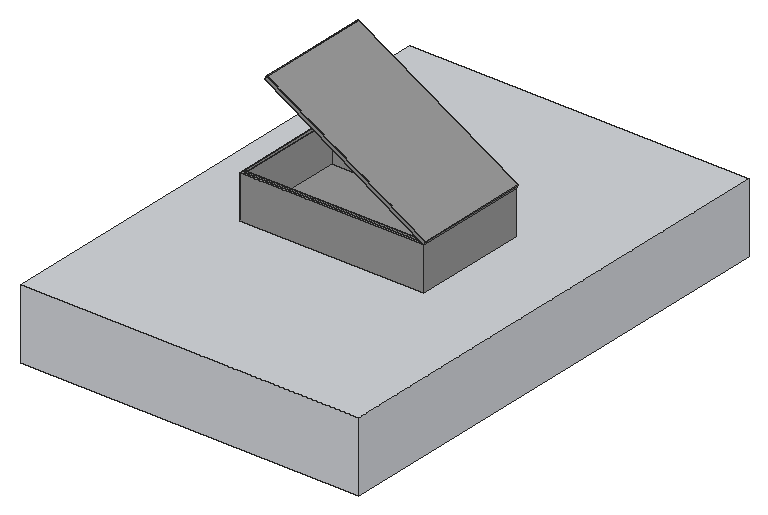
Revit family "Hager-Univers-IP44-D205-H500-Cl.II-Encl-CH-fr", category Equipement électrique, Revit 2020
Family settings
  Hôte = Face
  Configuration du panneau = Deux colonnes, circuits au sein
  Cote de connecteur circulaire = Utiliser le diamètre
  Type d'élément = Tableau de raccordement
  Couper avec des vides une fois chargée = Non
  Partagée = Non
  Point de calcul de pièce = Non
Parameters (values of type "saillie IP44 L800 H500 P205  - FP33QS")
  Width Control [instance] = if([EF000008 - largeur] > Min Width, [EF000008 - largeur], Min Width)  # 800 mm
  Commentaires du type = [HG000003 - Gamme]  # "Univers"
  Thickness Door [instance] = if([EF009171 - épaisseur de matériau de la porte/du couvercle] > 3 mm, 3 mm, [EF009171 - épaisseur de matériau de la porte/du couvercle])  # 1 mm
  Seal Frame Offset [instance] = 17 mm  # constant formula
  Plinth Visibility [instance] = [HG000027 - Hauteur du socle] > 0 mm  # no
  Model = ""
  Min Width [instance] = 100 mm  # constant formula
  Min Height [instance] = 100 mm  # constant formula
  Min Depth [instance] = (2 * [EF009170 - épaisseur de matériau du boîtier]) + 1 mm  # 3 mm
  Internal Frame Depth [instance] = (Door System Depth * 0.5)  # 9 mm
  Height Control [instance] = if([EF000040 - hauteur] > Min Height, [EF000040 - hauteur], Min Height)  # 500 mm
  HG000027 - Hauteur du socle = 0 mm
  HG000026 - Installation au sol = no
  HG000024 - Hauteur de la section basse = 800 mm
  HG000023 - Armoire double section = no
  HG000016 - Visibilité de la porte 3D [instance] = yes
  HG000015 - Visibilité de l'emprise de la porte [instance] = no
  HG000014 - Porte à droite [instance] = yes
  HG000013 - Porte à gauche [instance] = not([HG000014 - Porte à droite])  # no
  HG000012 - Angle de pivotement de la porte [instance] = 30.00°
  HG000010 - Portes asymétriques = no
  HG000009 - Porte à double battant = no
  HG000006 - Encastré = no
  HG000004 - Référence fabricant = "FP33QS"
  HG000003 - Gamme = "Univers"
  HG000002 - avec porte = yes
  Frame Offset Bottom [instance] = 10 mm  # constant formula
  Frame Offset [instance] = 15 mm  # constant formula
  EF015940 - couvercle avec décharge de pression = no
  EF011959 - degré de protection (NEMA) = ""
  EF009554 - nombre d'ouvertures pour plaques à bride = 6
  Fabricant = "Hager"  # constant formula
  EF009212 - finition du couvercle = "EV000116 - fermé"
  EF009171 - épaisseur de matériau de la porte/du couvercle = 1 mm
  EF009170 - épaisseur de matériau du boîtier = 1 mm
  EF008873 - courant nominal (In) = 250 A
  EF007800 - adapté à un parafoudre = no
  EF006306 - avec serrure = no
  EF006244 - couvercle/porte transparent(e) = no
  EF005474 - indice de protection (IP) = "EV006418 - IP44"
  EF004464 - type de porte = "EV002646 - unique"
  EF004427 - nombre de modules = 108
  EF004293 - indice de protection contre les chocs (IK) = "EV006815 - IK09"
  EF003532 - convient pour utilisation à l’extérieur = no
  EF002950 - largeur en nombre de modules = 36
  EF001613 - maintien de fonction = "EV000494 - sans"
  EF001596 - matériau du boîtier/corps = "EV000179 - acier"
  EF001131 - profondeur intérieure = 143 mm
  EF001088 - possibilité de montage en saillie = yes
  EF000437 - nombre d'entrées de conduit = 6
  EF000339 - type de capot = "EV001012 - couvercle"
  EF000266 - nombre de rangées = 3
  EF000218 - profondeur d'encastrement = 0 mm
  EF000118 - avec cadre/support de montage = no
  EF000116 - numéro RAL = "9010"
  EF000049 - profondeur = 205 mm
  EF000040 - hauteur = 500 mm
  EF000008 - largeur = 800 mm
  EF000007 - couleur = "EV000202 - blanc"
  EF000003 - mode de pose = "EV000384 - saillie"
  Door System Leaf Tolerance [instance] = 1.5 mm  # constant formula
  Door System Depth [instance] = 18 mm  # constant formula
  Door Height [instance] = Height Control - [HG000027 - Hauteur du socle]  # 500 mm
  Depth Control [instance] = if([EF000049 - profondeur] > Min Depth, [EF000049 - profondeur], Min Depth)  # 205 mm
  Default Elevation = 0 mm
  Connector Offset [instance] = Height Control / 2  # 250 mm
  Bottom Top Plate Trim [instance] = 1.5 mm  # constant formula
  Plinth height Ctrl [instance] = if([HG000027 - Hauteur du socle] > 0 mm, [HG000027 - Hauteur du socle], 12 mm)  # 12 mm
Types (5, lengths in mm): name | Width Control | HG000009 - Porte à double battant | HG000004 - Référence fabricant | EF009554 - nombre d'ouvertures pour plaques à bride | EF004464 - type de porte | EF004427 - nombre de modules | EF002950 - largeur en nombre de modules | EF000437 - nombre d'entrées de conduit | EF000008 - largeur
  saillie IP44 L1050 H500 P205  - FP34QS | 1050 | yes | "FP34QS" | 8 | "EV003602 - double" | 144 | 48 | 8 | 1050
  saillie IP44 L1300 H500 P205  - FP35QS | 1300 | yes | "FP35QS" | 10 | "EV003602 - double" | 180 | 60 | 10 | 1300
  saillie IP44 L300 H500 P205  - FP31QS | 300 | no | "FP31QS" | 2 | "EV002646 - unique" | 36 | 12 | 2 | 300
  saillie IP44 L550 H500 P205  - FP32QS | 550 | no | "FP32QS" | 4 | "EV002646 - unique" | 72 | 24 | 4 | 550
  saillie IP44 L800 H500 P205  - FP33QS | 800 | no | "FP33QS" | 6 | "EV002646 - unique" | 108 | 36 | 6 | 800
Reference planes
  plane 1 "Center (Front/Back)": y = 0
  plane 2: z = 0
  plane 3 "Center (Left/Right)": x = 0
  plane 4: z = 205
  plane 5: y = 1
  plane 6: y = 250
  plane 7: y = 0
  plane 8: y = 500
  plane 9: z = 0
  plane 10: x = -385
  plane 11: x = 385
  plane 12: x = 384
  plane 13: x = -384
  plane 14: y = 499
  plane 15: x = -383
  plane 16: x = -400
  plane 17: x = 383
  plane 18: x = 400
  plane 19: x = 399
  plane 20: x = -399
  plane 21: y = 11
  plane 22: y = 500
  plane 23: y = 484
  plane 24: z = 187
  plane 25: z = 1
  plane 26: z = 186
  plane 27: z = 204
Forms (mm)
  Extrusion 1, solid
    sketch origin (0, 0, 0) x (1, 0, 0) y (0, 1, 0)
      loop
        line (-702.964, 1305) -> (-702.964, -811.445) -> (766.763, -811.445) -> (766.763, 1305) -> (-702.964, 1305)
    from 0 to -304.8
  Extrusion 2, solid, material "Hager_Steel_RAL7035_Light_Grey", visible <- "Plinth Visibility", detail levels medium+fine
    sketch origin (0, 0, 0) x (1, 0, 0) y (0, 1, 0)
      loop
        line (-400, 0) -> (400, 0) -> (400, 12) -> (-400, 12) -> (-400, 0)
    from 0 to 187
  Extrusion 3, solid, material "Hager_Steel_RAL7035_Light_Grey", detail levels medium+fine
    sketch origin (0, 0, 0) x (1, 0, 0) y (0, 1, 0)
      loop
        line (-400, 0) -> (400, 0) -> (400, 500) -> (-400, 500) -> (-400, 0)
    from 0 to 187
  Extrusion 4, void
    sketch origin (0, 0, 0) x (1, 0, 0) y (0, 1, 0)
      loop
        line (-399, 1) -> (399, 1) -> (399, 499) -> (-399, 499) -> (-399, 1)
    from 1 to 186
  Extrusion 5, void
    sketch origin (-381.607, -4572, 187) x (0, -1, 0) y (-1, 0, 0)
      loop
        line (-4583, 2.393) -> (-5056, 2.393) -> (-5056, -765.607) -> (-4583, -765.607) -> (-4583, 2.393)
    from 0 to 1 <- "EF009170 - épaisseur de matériau du boîtier"
  Extrusion 6, solid, material "Hager_Steel_RAL7035_Light_Grey", detail levels fine
    sketch origin (0, 0, 187) x (1, 0, 0) y (0, 1, 0)
      loop
        line (-384, 484) -> (-384, 11) -> (384, 11) -> (384, 484) -> (-384, 484)
      loop
        line (-385, 10) -> (385, 10) -> (385, 485) -> (-385, 485) -> (-385, 10)
    from 0 to 9 <- "Internal Frame Depth"
  Extrusion 7, solid, material "Hager_Steel_RAL7035_Light_Grey", detail levels coarse
    sketch origin (0, 0, 0) x (1, 0, 0) y (0, 1, 0)
      loop
        line (-400, 0) -> (400, 0) -> (400, 500) -> (-400, 500) -> (-400, 0)
    from 0 to 205
  Sweep 8, void
    path in 3D
      loop
        line (-400, 12, 0) -> (400, 12, 0) -> (400, 12, 187) -> (-400, 12, 187) -> (-400, 12, 0)
    profile origin (-400, 12, 93.5) x (-1, 0, 0) y (0, -1, 0)
      loop
        line (0, 0) -> (0, 1.5) -> (-1.5, 1.5)
        arc (-1.5, 1.5) -> (-1.061, 0.439) -> (0, 0) r 1.5
Cuts and joins
  Extrusion 4, Extrusion 5 cuts Extrusion 3
  Sweep 8 cuts Extrusion 2
Lines and regions (mm)
  Masking region 1
    outline origin (0, 0, 0) x (1, 0, 0) y (0, 0, 1)
      loop
        line (-400, 205) -> (-400, 0) -> (400, 0) -> (400, 205) -> (-400, 205)
  Masking region 2, detail levels medium+fine
    outline origin (0, 140, 0) x (0, 1, 0) y (0, 0, 1)
      loop
        line (-140, 0) -> (360, 0) -> (360, 187) -> (-140, 187) -> (-140, 0)
  Masking region 3, not visible, detail levels medium+fine
    outline origin (0, 297.922, 0) x (0, 1, 0) y (0, 0, 1)
      loop
        line (-36.422, 0) -> (3.578, 0) -> (3.578, 194)
        arc (3.578, 194) -> (0.649, 201.071) -> (-6.422, 204) r 10
        line (-6.422, 204) -> (-36.422, 204) -> (-36.422, 0)
  Masking region 4, detail levels coarse
    outline origin (0, 0, 180) x (0, 1, 0) y (0, 0, 1)
      loop
        line (0, -180) -> (500, -180) -> (500, 25) -> (0, 25) -> (0, -180)
  Masking region 5, visible <- "Plinth Visibility", detail levels medium+fine
    outline origin (0, 52.24, 12.345) x (0, 0, -1) y (0, 1, 0)
      loop
        line (10.845, -40.24) -> (-173.155, -40.24)
        arc (-173.155, -40.24) -> (-173.594, -41.301) -> (-174.655, -41.74) r 1.5
        line (-174.655, -41.74) -> (-174.655, -52.24) -> (12.345, -52.24) -> (12.345, -41.74)
        arc (12.345, -41.74) -> (11.285, -41.301) -> (10.845, -40.24) r 1.5
  Masking region 6, detail levels medium+fine
    outline origin (-381.607, -4572, 187) x (-1, 0, 0) y (0, -1, 0)
      loop
        line (18.393, -5072) -> (18.393, -4572) -> (-781.607, -4572) -> (-781.607, -5072) -> (18.393, -5072)
  Masking region 7, visible <- "Plinth Visibility", detail levels medium+fine
    outline origin (-381.607, -4727, 187) x (-1, 0, 0) y (0, -1, 0)
      loop
        arc (16.893, -4739) -> (17.332, -4737.939) -> (18.393, -4737.5) r 1.5
        line (18.393, -4737.5) -> (18.393, -4727) -> (-781.607, -4727) -> (-781.607, -4737.5)
        arc (-781.607, -4737.5) -> (-780.546, -4737.939) -> (-780.107, -4739) r 1.5
        line (-780.107, -4739) -> (16.893, -4739)
  Masking region 8, detail levels coarse
    outline origin (-442.548, -4669.526, 187) x (-1, 0, 0) y (0, -1, 0)
      loop
        line (-42.548, -5169.526) -> (-42.548, -4669.526) -> (-842.548, -4669.526) -> (-842.548, -5169.526) -> (-42.548, -5169.526)
  sketch lines
    curve 1: line (-400, 12, 187) -> (-400, 12, 0)
    curve 2: line (400, 12, 187) -> (-400, 12, 187)
    curve 3: line (400, 12, 187) -> (400, 12, 0)
    curve 4: line (-400, 12, 0) -> (400, 12, 0)
Dimensions and locks
  "Depth Control": plane 4 to Extrusion 1
  "HG000027 - Hauteur du socle": plane 1 "Center (Front/Back)" to plane 7
  "EF009170 - épaisseur de matériau du boîtier": plane 5 to plane 7
  locked: connector elem to plane 3 "Center (Left/Right)"
  equal spacing: plane 8, plane 6, plane 7
  locked: connector elem to plane 6
  "EF009170 - épaisseur de matériau du boîtier": plane 8 to plane 14
  "EF009170 - épaisseur de matériau du boîtier": plane 10 to plane 13
  "EF009170 - épaisseur de matériau du boîtier": plane 12 to plane 11
  "Frame Offset": plane 20 to plane 13
  "Frame Offset": plane 12 to plane 19
  "EF009170 - épaisseur de matériau du boîtier": plane 16 to plane 20
  "EF009170 - épaisseur de matériau du boîtier": plane 19 to plane 18
  "Seal Frame Offset": plane 16 to plane 15
  "Seal Frame Offset": plane 17 to plane 18
  "Frame Offset Bottom": plane 21 to plane 5
  "Frame Offset": plane 14 to plane 23
  equal spacing: plane 16, plane 3 "Center (Left/Right)", plane 18
  "Width Control": plane 16 to plane 18
  "EF009170 - épaisseur de matériau du boîtier": plane 4 to plane 27
  "EF009170 - épaisseur de matériau du boîtier": plane 24 to plane 26
  "EF009170 - épaisseur de matériau du boîtier": plane 25 to level
  "Door System Depth": plane 4 to plane 24
  "Height Control": plane 1 "Center (Front/Back)" to Extrusion 7 sketch curve
  "Height Control": Masking region 4 sketch curve to plane 1 "Center (Front/Back)"
  "Height Control": plane 1 "Center (Front/Back)" to plane 22
  "Bottom Top Plate Trim": profile plane to Sweep 8 sketch curve
  "Bottom Top Plate Trim": Sweep 8 sketch curve to profile plane
  "Plinth height Ctrl": plane 1 "Center (Front/Back)" to Extrusion 2 sketch curve
  "Plinth height Ctrl": Masking region 5 sketch curve to plane 1 "Center (Front/Back)"
  "Plinth height Ctrl": plane 1 "Center (Front/Back)" to Masking region 7 sketch curve
  "Thickness Door": Extrusion 6 sketch curve to Extrusion 6 sketch curve  (x3)
  "Thickness Door": cut or joined group of Extrusion 3, Extrusion 4, Extrusion 5 to Extrusion 6 sketch curve
  radius of Masking region 3 sketch curve = 10 mm
  "Bottom Top Plate Trim": radius of Masking region 5 sketch curve  (x2)
  "Bottom Top Plate Trim": radius of Sweep 8 sketch curve
  "Bottom Top Plate Trim": radius of Masking region 7 sketch curve  (x2)
  aligned and locked: plane 2 to Extrusion 1
  aligned and locked: level to Extrusion 1
  aligned and locked: level to Masking region 1 sketch curve
  aligned and locked: Masking region 1 sketch curve to plane 18
  aligned and locked: Masking region 1 sketch curve to plane 16
  aligned and locked: plane 7 to Masking region 2 sketch curve
  aligned and locked: level to Masking region 3 sketch curve
  aligned and locked: Masking region 3 sketch curve to plane 27
  aligned and locked: level to Masking region 2 sketch curve
  aligned and locked: plane 1 "Center (Front/Back)" to Extrusion 2 sketch curve
  aligned and locked: Extrusion 3 sketch curve to plane 7
  aligned and locked: plane 16 to Extrusion 3 sketch curve
  aligned and locked: plane 18 to Extrusion 3 sketch curve
  aligned and locked: plane 20 to Extrusion 4 sketch curve
  aligned and locked: plane 19 to Extrusion 4 sketch curve
  aligned and locked: Extrusion 4 sketch curve to plane 5
  aligned and locked: Extrusion 4 to plane 25
  aligned and locked: plane 26 to Extrusion 4
  aligned and locked: plane 24 to Extrusion 3
  aligned and locked: Extrusion 5 sketch curve to plane 21
  aligned and locked: Extrusion 5 sketch curve to plane 13
  aligned and locked: Extrusion 5 sketch curve to plane 12
  aligned and locked: plane 18 to Extrusion 7 sketch curve
  aligned and locked: plane 1 "Center (Front/Back)" to Extrusion 7 sketch curve
  aligned and locked: plane 16 to Extrusion 7 sketch curve
  aligned and locked: plane 4 to Extrusion 7
  aligned and locked: Extrusion 7 to level
  aligned and locked: level to Masking region 4 sketch curve
  aligned and locked: Masking region 4 sketch curve to plane 1 "Center (Front/Back)"
  aligned and locked: Masking region 4 sketch curve to plane 4
  aligned and locked: nested 1 to level
  aligned and locked: nested 1 to plane 16
  aligned and locked: plane 8 to Extrusion 3 sketch curve
  aligned and locked: plane 23 to Extrusion 5 sketch curve
  aligned and locked: plane 14 to Extrusion 4 sketch curve
  aligned and locked: Masking region 2 sketch curve to plane 8
  aligned and locked: level to Masking region 5 sketch curve
  aligned and locked: plane 16 to Extrusion 2 sketch curve
  aligned and locked: plane 18 to Extrusion 2 sketch curve
  aligned and locked: Masking region 5 sketch curve to plane 24
  aligned and locked: Masking region 2 sketch curve to plane 24
  aligned and locked: plane 24 to Extrusion 2
  aligned and locked: profile plane to Sweep 8 sketch curve  (x2)
  aligned and locked: Masking region 6 sketch curve to plane 18
  aligned and locked: Masking region 6 sketch curve to plane 22
  aligned and locked: Masking region 6 sketch curve to plane 16
  aligned and locked: plane 8 to plane 22
  aligned and locked: Masking region 6 sketch curve to plane 7
  aligned and locked: Masking region 7 sketch curve to plane 16
  aligned and locked: Masking region 7 sketch curve to plane 1 "Center (Front/Back)"
  aligned and locked: Masking region 7 sketch curve to plane 18
  aligned and locked: Masking region 8 sketch curve to plane 1 "Center (Front/Back)"
  aligned and locked: Masking region 8 sketch curve to plane 18
  aligned and locked: Masking region 8 sketch curve to plane 22
  aligned and locked: Masking region 8 sketch curve to plane 16
  aligned and locked: nested 2 to plane 7
  aligned and locked: plane 3 "Center (Left/Right)" to nested 2
  aligned and locked: nested 2 to plane 24
  aligned and locked: Extrusion 6 sketch curve to cut or joined group of Extrusion 3, Extrusion 4, Extrusion 5  (x4)
Automatic sketch dimensions
  Extrusion 1 sketch curve to Extrusion 1 sketch curve = 1469.727 mm
  Extrusion 1 sketch curve to Extrusion 1 sketch curve = 2116.445 mm
  Masking region 1 sketch curve to plane 4 = 0 mm
  plane 6 to Masking region 3 sketch curve = 11.5 mm
  Masking region 3 sketch curve to Masking region 3 sketch curve = 30 mm
  Masking region 5 sketch curve to plane 1 "Center (Front/Back)" = 0 mm
Nested families
  nested 1: "Hager_Enclosure_Symbol" at (-400, 0, 0) x (1, 0, 0) z (0, -1, 0), Height <- "Depth Control", Width <- "Width Control", type "Hager_Enclosure_Symbol"
    with Width_Ctrl 800 mm, Width 800 mm, Height_Ctrl 205 mm, Height 205 mm, A_Width_Int 13.453 mm, A_Width 161.438 mm, A_Height_Ctrl 179.375 mm, A_Height 179.375 mm
  nested 2: "EC000058_Univers_Door" at (0, 0, 187) x (1, 0, 0) z (0, 1, 0), Leaf_Tolerance <- "Door System Leaf Tolerance", Angle <- "HG000012 - Angle de pivotement de la porte", Door_Depth <- "Door System Depth", Door_Left <- "HG000013 - Porte à gauche", Transparent <- "EF006244 - couvercle/porte transparent(e)", Assymetrical <- "HG000010 - Portes asymétriques", Width <- "Width Control", Clearance <- "HG000015 - Visibilité de l'emprise de la porte", Double <- "HG000009 - Porte à double battant", 3d_Door <- "HG000016 - Visibilité de la porte 3D", Lock_Visibility <- "EF006306 - avec serrure", Width_Ctrl <- "Width Control", Door_Right <- "HG000014 - Porte à droite", Door <- "HG000002 - avec porte", Height <- "Door Height", Thickness <- "Thickness Door", type "EC000058_Univers_Door", detail levels medium+fine
    with min_wh 3 mm, Width_Ctrl 800 mm, Width 800 mm, Transparent no, Thickness 1 mm, Seal_Material Hager_Rubber, Lock_Visibility no, Lock_Material Hager_Plastic_RAL9005_Jet_Black, Leaf_Width 800 mm, Leaf_Tolerance_External_Sides 0 mm, Leaf_Tolerance 1.5 mm, Leaf_Offset 0 mm, Leaf_Height 497 mm, Leaf_2_Width 800 mm, Leaf_2_Offset 400 mm, Leaf_1_Width 800 mm, Leaf_1_Offset 400 mm, Height_Ctrl 500 mm, Height 500 mm, Glass_Material Hager_Glass, Double_Clearance_Ctrl no, Double no, Door_Right_Ctrl yes, Door_Right yes, Door_Material Hager_Steel_RAL7035_Light_Grey, Door_Left_Ctrl no, Door_Left no, Door_Depth 18 mm, Door yes, Clearance_Material Hager_Clearance, Clearance_Depth 800 mm, Clearance_Ctrl no, Clearance no, Assymetrical no, Angle 30.00°, 3d_Door yes
Connectors
  electrical at (0, 250, 0)
    settings: on plane 9, index 1, voltage 0 V, apparent load 0 VA, apparent load phase1 0 VA, apparent load phase2 0 VA, apparent load phase3 0 VA, power factor 1, load classification "Other", number of poles 1, system type 30, power factor state 1, is connector primary yes, connector utility no, sub classification motor no, connector description ""
Definition of nested family "EC000058_Univers_Door"
  Parameters (values of type "EC000058_Univers_Door")
    min_wh [instance] = (2 * Thickness) + 1 mm  # 11 mm
    Width_Ctrl [instance] = 400 mm
    Width [instance] = 500 mm
    Transparent [instance] = yes
    Thickness [instance] = 5 mm
    Seal_Material [instance] = none
    Lock_Visibility [instance] = yes
    Lock_Material [instance] = none
    Leaf_Width [instance] = if((Width_Ctrl - 2 * Leaf_Tolerance_External_Sides) > 0 mm, (Width_Ctrl - 2 * Leaf_Tolerance_External_Sides), min_wh)  # 400 mm
    Leaf_Tolerance_External_Sides [instance] = 0 mm  # constant formula
    Leaf_Tolerance [instance] = 1.5 mm
    Leaf_Offset [instance] = 0 mm  # constant formula
    Leaf_Height [instance] = if((Height_Ctrl - 2 * Leaf_Tolerance) > 0 mm, (Height_Ctrl - 2 * Leaf_Tolerance), min_wh)  # 497 mm
    Leaf_2_Width [instance] = if(and(and(Double, Assymetrical), Door_Left), (Leaf_Width / 3) - (Leaf_Tolerance / 2), if(and(and(Double, Assymetrical), Door_Right), (Leaf_Width / 3) * 2 - (Leaf_Tolerance / 2), if(and(Double, not(Assymetrical)), (Leaf_Width / 2) - Leaf_Tolerance, Leaf_Width)))  # 400 mm
    Leaf_2_Offset [instance] = if(and(Double, Assymetrical), Leaf_2_Width / 2, if(and(Double, not(Assymetrical)), Leaf_Width / 4, Leaf_Width / 2))  # 200 mm
    Leaf_1_Width [instance] = if(and(and(Double, Assymetrical), Door_Right), (Leaf_Width / 3) - (Leaf_Tolerance / 2), if(and(and(Double, Assymetrical), Door_Left), (Width / 3) * 2 - (Leaf_Tolerance / 2), if(and(Double, not(Assymetrical)), (Leaf_Width / 2) - Leaf_Tolerance, Leaf_Width)))  # 400 mm
    Leaf_1_Offset [instance] = if(and(Double, Assymetrical), Leaf_1_Width / 2, if(and(Double, not(Assymetrical)), Leaf_Width / 4, Leaf_Width / 2))  # 200 mm
    Height_Ctrl [instance] = if(Height > min_wh, Height, min_wh)  # 500 mm
    Height [instance] = 500 mm
    Glass_Material [instance] = none
    Double_Clearance_Ctrl [instance] = and(Double, Clearance)  # no
    Double [instance] = no
    Door_Right_Ctrl [instance] = and(or(Door_Right, Double), Door)  # yes
    Door_Right [instance] = yes
    Door_Material [instance] = none
    Door_Left_Ctrl [instance] = and(or(Door_Left, Double), Door)  # no
    Door_Left [instance] = no
    Door_Depth [instance] = 30 mm
    Door [instance] = yes
    Default Elevation = 1219.2 mm
    Clearance_Material [instance] = none
    Clearance_Depth [instance] = if(Leaf_1_Width > Leaf_2_Width, Leaf_1_Width, Leaf_2_Width)  # 400 mm
    Clearance_Ctrl [instance] = and(not(Double), Clearance)  # yes
    Clearance [instance] = yes
    Assymetrical [instance] = yes
    Angle [instance] = 30.00°
    3d_Door [instance] = yes
  Reference planes
    plane 1 "Center (Front/Back)": y = 0
    plane 2 "Bottom": z = 0
    plane 3 "Center (Left/Right)": x = 0
    plane 4: z = 500
    plane 5: x = -200
    plane 6: x = 200
    plane 7: z = 500
    plane 8: x = -200
    plane 9: z = 0
    plane 10: x = 200
    plane 11: y = 0
    plane 12: z = 1.5
    plane 13: x = -600
    plane 14: y = -400
    plane 15: x = 600
    plane 16: x = 0
    plane 17: x = 0
    plane 18: x = -200
    plane 19: x = 200
    plane 20: z = 498.5
  Forms (mm)
    Extrusion 1, solid, material <- "Clearance_Material", visible <- "Double_Clearance_Ctrl"
      sketch origin (1200, 0, 0) x (1, 0, 0) y (0, 0, -1)
        loop
          line (-1800, -498.5) -> (-600, -498.5) -> (-600, 0) -> (-1800, 0) -> (-1800, -498.5)
      from 0 to -400
  Dimensions and locks
    equal spacing: plane 5, plane 3 "Center (Left/Right)", plane 6
    "Width_Ctrl": plane 5 to plane 6
    "Leaf_Offset": plane 5 to plane 8
    "Leaf_Offset": plane 6 to plane 10
    "Leaf_Offset": plane 9 to level
    "Leaf_Offset": plane 4 to plane 7
    "Height_Ctrl": plane 4 to level
    "Leaf_Tolerance": plane 12 to plane 9
    locked: plane 11 to plane 1 "Center (Front/Back)"
    "Leaf_1_Offset": plane 18 to plane 16
    "Leaf_2_Offset": plane 17 to plane 19
    "Leaf_1_Width": plane 13 to plane 8
    "Leaf_2_Width": plane 10 to plane 15
    "Clearance_Depth": plane 14 to plane 1 "Center (Front/Back)"
    "Leaf_Tolerance_External_Sides": plane 8 to plane 18
    "Leaf_Tolerance_External_Sides": plane 19 to plane 10
    "Leaf_Tolerance": plane 7 to plane 20
    aligned and locked: level to plane 2 "Bottom"
    aligned and locked: nested 1 to plane 16
    aligned and locked: nested 2 to plane 17
    aligned and locked: Extrusion 1 to plane 13
    aligned and locked: plane 15 to Extrusion 1
    aligned and locked: Extrusion 1 to plane 14
    aligned and locked: plane 12 to nested 1
    aligned and locked: nested 2 to plane 12
    aligned and locked: Extrusion 1 to plane 11
    aligned and locked: plane 20 to Extrusion 1
    aligned and locked: nested 2 to plane 11
    aligned and locked: nested 1 to plane 11
  Automatic sketch dimensions
    Extrusion 1 sketch curve to level = 0 mm
    plane 5 to Extrusion 1 sketch curve = 400 mm
    plane 6 to Extrusion 1 sketch curve = 400 mm
    Extrusion 1 sketch curve to plane 4 = 1.5 mm
  Nested families
    nested 1: "EC000058_Univers_Door_Leaf" at (0, 0, 1.5), Width <- "Leaf_1_Width", visible <- "Door_Left_Ctrl", Leaf_Height <- "Leaf_Height", Angle <- "Angle", 3d_Door <- "3d_Door", Transparent <- "Transparent", Clearance Material <- "Clearance_Material", Clearance <- "Clearance_Ctrl", Door_Material <- "Door_Material", Glass_Material <- "Glass_Material", Door_Depth <- "Door_Depth", Lock_Material <- "Lock_Material", Seal_Material <- "Seal_Material", Lock_Visibility <- "Lock_Visibility", Thickness <- "Thickness", type "EC000058_Univers_Door_Leaf"
      with Width 400 mm, Transparent_Glass_Offset 30 mm, Transparent_Ctrl yes, Transparent yes, Thickness 5 mm, Standard no, Seal_Material none, Seal_D2 8 mm, Seal_D1 1 mm, Offset_Internal_Frame 10 mm, Lock_Width 20 mm, Lock_Visibility_3d yes, Lock_Visibility yes, Lock_Thickness_3 3 mm, Lock_Thickness_2 1 mm, Lock_Thickness_1 3 mm, Lock_Radius_Offset_2 16 mm, Lock_Radius_Offset_1 15 mm, Lock_Radius_2 5 mm, Lock_Radius 6 mm, Lock_Offset 5 mm, Lock_Material none, Lock_Height 80 mm, Lock_Cover_Top_Offset_2d 17 mm, Lock_Cover_Height -65 mm, Leaf_Height 497 mm, Internal_Seal_Thickness 8 mm, Internal_Seal_Depth_2 4.5 mm, Internal_Frame_Depth 25 mm, Glass_Thickness -1 mm, Glass_Offset -2 mm, Glass_Material none, Door_Material none, Door_Depth 30 mm, Clearance Material none, Clearance yes, Angle_Ctrl 30.00°, Angle 30.00°, 3d_Door yes
    nested 2: "EC000058_Univers_Door_Leaf" at (0, 0, 1.5) x (-1, 0, 0) z (0, 0, 1), Width <- "Leaf_2_Width", visible <- "Door_Right_Ctrl", Leaf_Height <- "Leaf_Height", Angle <- "Angle", 3d_Door <- "3d_Door", Transparent <- "Transparent", Clearance Material <- "Clearance_Material", Clearance <- "Clearance_Ctrl", Door_Material <- "Door_Material", Glass_Material <- "Glass_Material", Door_Depth <- "Door_Depth", Lock_Material <- "Lock_Material", Seal_Material <- "Seal_Material", Lock_Visibility <- "Lock_Visibility", Thickness <- "Thickness", type "EC000058_Univers_Door_Leaf"
      with Width 400 mm, Transparent_Glass_Offset 30 mm, Transparent_Ctrl yes, Transparent yes, Thickness 5 mm, Standard no, Seal_Material none, Seal_D2 8 mm, Seal_D1 1 mm, Offset_Internal_Frame 10 mm, Lock_Width 20 mm, Lock_Visibility_3d yes, Lock_Visibility yes, Lock_Thickness_3 3 mm, Lock_Thickness_2 1 mm, Lock_Thickness_1 3 mm, Lock_Radius_Offset_2 16 mm, Lock_Radius_Offset_1 15 mm, Lock_Radius_2 5 mm, Lock_Radius 6 mm, Lock_Offset 5 mm, Lock_Material none, Lock_Height 80 mm, Lock_Cover_Top_Offset_2d 17 mm, Lock_Cover_Height -65 mm, Leaf_Height 497 mm, Internal_Seal_Thickness 8 mm, Internal_Seal_Depth_2 4.5 mm, Internal_Frame_Depth 25 mm, Glass_Thickness -1 mm, Glass_Offset -2 mm, Glass_Material none, Door_Material none, Door_Depth 30 mm, Clearance Material none, Clearance yes, Angle_Ctrl 30.00°, Angle 30.00°, 3d_Door yes
  Definition of nested family "EC000058_Univers_Door_Leaf"
    Parameters (values of type "EC000058_Univers_Door_Leaf")
      Width [instance] = 2000 mm
      Transparent_Glass_Offset [instance] = 30 mm
      Transparent_Ctrl [instance] = and(Transparent, [3d_Door])  # yes
      Transparent [instance] = yes
      Thickness [instance] = 5 mm
      Standard [instance] = and(not(Transparent), [3d_Door])  # no
      Seal_Material [instance] = none
      Seal_D2 [instance] = 8 mm  # constant formula
      Seal_D1 [instance] = 1 mm  # constant formula
      Offset_Internal_Frame [instance] = 10 mm  # constant formula
      Lock_Width [instance] = 20 mm  # constant formula
      Lock_Visibility_3d [instance] = and(Lock_Visibility, [3d_Door])  # yes
      Lock_Visibility [instance] = yes
      Lock_Thickness_3 [instance] = 3 mm  # constant formula
      Lock_Thickness_2 [instance] = 1 mm  # constant formula
      Lock_Thickness_1 [instance] = 3 mm  # constant formula
      Lock_Radius_Offset_2 [instance] = Lock_Radius_Offset_1 + 1 mm  # 16 mm
      Lock_Radius_Offset_1 [instance] = 15 mm  # constant formula
      Lock_Radius_2 [instance] = Lock_Radius - 1 mm  # 5 mm
      Lock_Radius [instance] = 6 mm  # constant formula
      Lock_Offset [instance] = 5 mm  # constant formula
      Lock_Material [instance] = none
      Lock_Height [instance] = 80 mm  # constant formula
      Lock_Cover_Top_Offset_2d [instance] = Lock_Radius_Offset_2 + 1 mm  # 17 mm
      Lock_Cover_Height [instance] = -(Lock_Height - Lock_Radius_Offset_1)  # -65 mm
      Leaf_Height [instance] = 2720.336 mm
      Internal_Seal_Thickness [instance] = 8 mm  # constant formula
      Internal_Seal_Depth_2 [instance] = 4.5 mm  # constant formula
      Internal_Frame_Depth [instance] = if(Door_Depth - Thickness > 5 mm, Door_Depth - Thickness, 5 mm)  # 25 mm
      Glass_Thickness [instance] = if(Thickness > 15 mm, Glass_Offset + 10 mm, -1 mm)  # -1 mm
      Glass_Offset [instance] = if(Thickness > 15 mm, -(Thickness + 10 mm) / 2, -2 mm)  # -2 mm
      Glass_Material [instance] = none
      Door_Material [instance] = none
      Door_Depth [instance] = 30 mm
      Default Elevation = 0 mm
      Clearance Material [instance] = none
      Clearance [instance] = yes
      Angle_Ctrl [instance] = if(Angle > 180.00°, 180.00°, Angle)  # 90.00°
      Angle [instance] = 90.00°
      3d_Door [instance] = yes
    Reference planes
      plane 1 "Center (Front/Back)": y = 0
      plane 2: z = 0
      plane 3 "Center (Left/Right)": x = 0
      plane 4: y = 2000
      plane 5: x = -1000
      plane 6: x = 1000
      plane 7: x = -3000
      plane 8: z = 2720.336
      plane 9: z = 30
      plane 10: z = 2690.336
      plane 11: x = 970
      plane 12: x = -970
      plane 13: y = -3
      plane 14: z = 107.833
      plane 15: y = -5
      plane 16: y = -223.314
      plane 17: x = -1000
      plane 18: z = 1360.168
      plane 19: y = 30
    Forms (mm)
      Extrusion 1, solid, material <- "Clearance Material", visible <- "Clearance"
        sketch origin (0, 0, 0) x (1, 0, 0) y (0, 0, 1)
          loop
            line (-3000, 2720.336) -> (-3000, 0) -> (1000, 0) -> (1000, 2720.336) -> (-3000, 2720.336)
        from 0 to -2000
      Extrusion 2, solid, material <- "Door_Material", visible <- "Standard", detail levels medium+fine
        sketch origin (-1000, 0, 0) x (0, 1, 0) y (-1, 0, 0)
          loop
            line (0, 30) -> (0, 25) -> (2000, 25) -> (2000, 30) -> (0, 30)
        from 0 to 2720.336 <- "Leaf_Height"
      Extrusion 3, solid, material <- "Door_Material", visible <- "Transparent_Ctrl", detail levels medium+fine
        sketch origin (-1000, 0, 0) x (0, 1, 0) y (-1, 0, 0)
          loop
            line (0, 25) -> (2000, 25) -> (2000, 30) -> (0, 30) -> (0, 25)
        from 0 to 2720.336 <- "Leaf_Height"
      Extrusion 4, void
        sketch origin (-1025, 2000, 0) x (0, 1, 0) y (0, 0, -1)
          loop
            line (-30, -2690.336) -> (-30, -30) -> (-1970, -30) -> (-1970, -2690.336) -> (-30, -2690.336)
        from 0 to 5 <- "Thickness"
      Sweep 5, solid, material <- "Seal_Material", visible <- "Transparent_Ctrl", detail levels fine
        path in 3D
          loop
            line (-1025, 30, 30) -> (-1025, 30, 2690.336) -> (-1025, 1970, 2690.336) -> (-1025, 1970, 30) -> (-1025, 30, 30)
        profile origin (-1025, 1000, 30) x (1, 0, 0) y (0, 0, 1)
          loop
            line (0, 0) -> (0, -8) -> (1, -8) -> (1, 0) -> (0, 0)
      Extrusion 6, solid, material <- "Glass_Material", visible <- "Transparent_Ctrl", detail levels medium+fine
        sketch origin (-1030, 0, 0) x (0, 1, 0) y (0, 0, -1)
          loop
            line (1970, -2690.336) -> (1970, -30) -> (30, -30) -> (30, -2690.336) -> (1970, -2690.336)
        from -2 <- "Glass_Offset" to -1 <- "Glass_Thickness"
      Extrusion 7, solid, material <- "Door_Material", visible <- "3d_Door", detail levels medium+fine
        sketch origin (-1025, 2000, 0) x (0, -1, 0) y (0, 0, -1)
          loop
            line (0, -2720.336) -> (2000, -2720.336) -> (2000, 0) -> (0, 0) -> (0, -2720.336)
          loop
            line (1995, -5) -> (5, -5) -> (5, -2715.336) -> (1995, -2715.336) -> (1995, -5)
        from 0 to 25 <- "Internal_Frame_Depth"
      Sweep 8, solid, material <- "Seal_Material", visible <- "Transparent_Ctrl", detail levels fine
        path in 3D
          loop
            line (-1025, 0, 0) -> (-1025, 2000, 0) -> (-1025, 2000, 2720.336) -> (-1025, 0, 2720.336) -> (-1025, 0, 0)
        profile origin (-1025, 0, 1360.168) x (1, 0, 0) y (0, 1, 0)
          loop
            line (0, 10) -> (2.975, 10)
            arc (2.975, 10) -> (4.053, 10.447) -> (4.5, 11.525) r 1.525
            line (4.5, 11.525) -> (4.5, 16.527)
            arc (4.5, 16.527) -> (4.069, 17.569) -> (3.027, 18) r 1.473
            line (3.027, 18) -> (0, 18) -> (0, 10)
      Extrusion 9, solid, material <- "Lock_Material", visible <- "Lock_Visibility_3d", detail levels fine
        sketch origin (-1030, 0, 0) x (0, 1, 0) y (0, 0, -1)
          loop
            arc (1993.5, -1400.168) -> (1994.561, -1399.729) -> (1995, -1398.668) r 1.5
            line (1995, -1398.668) -> (1995, -1320.168) -> (1975, -1320.168) -> (1975, -1398.668)
            arc (1975, -1398.668) -> (1975.439, -1399.729) -> (1976.5, -1400.168) r 1.5
            line (1976.5, -1400.168) -> (1993.5, -1400.168)
        from 3 <- "Lock_Thickness_1" to 0
      Blend 10, solid, material <- "Lock_Material", visible <- "Lock_Visibility_3d", detail levels fine
        base sketch origin (-1033, 0, 0) x (0, 1, 0) y (0, 0, -1)
          loop
            line (1975, -1320.168) -> (1975, -1398.668)
            arc (1975, -1398.668) -> (1975.439, -1399.729) -> (1976.5, -1400.168) r 1.5
            line (1976.5, -1400.168) -> (1993.5, -1400.168)
            arc (1993.5, -1400.168) -> (1994.561, -1399.729) -> (1995, -1398.668) r 1.5
            line (1995, -1398.668) -> (1995, -1320.168) -> (1975, -1320.168)
        top sketch origin (-1033, 0, 0) x (0, 1, 0) y (0, 0, -1)
          loop
            line (1976, -1320.168) -> (1976, -1398.668)
            arc (1976, -1398.668) -> (1976.146, -1399.022) -> (1976.5, -1399.168) r 0.5
            line (1976.5, -1399.168) -> (1993.5, -1399.168)
            arc (1993.5, -1399.168) -> (1993.854, -1399.022) -> (1994, -1398.668) r 0.5
            line (1994, -1398.668) -> (1994, -1320.168) -> (1976, -1320.168)
        from 0 to 1 <- "Lock_Thickness_2"
      Blend 11, solid, material <- "Lock_Material", visible <- "Lock_Visibility_3d", detail levels fine
        base sketch origin (-1034, 0, 0) x (0, 1, 0) y (0, 0, -1)
          loop
            line (1978, -1320.168) -> (1978, -1384.168)
            arc (1978, -1384.168) -> (1985, -1391.168) -> (1992, -1384.168) r 7
            line (1992, -1384.168) -> (1992, -1320.168) -> (1978, -1320.168)
        top sketch origin (-1034, 0, 0) x (0, 1, 0) y (0, 0, -1)
          loop
            line (1991, -1320.168) -> (1979, -1320.168) -> (1979, -1383.168)
            arc (1979, -1383.168) -> (1985, -1389.168) -> (1991, -1383.168) r 6
            line (1991, -1383.168) -> (1991, -1320.168)
        from 0 to 3 <- "Lock_Thickness_3"
      Extrusion 12, solid, material <- "Lock_Material", visible <- "Lock_Visibility_3d", detail levels fine
        sketch origin (-1030, 1975, 1320.168) x (1, 0, 0) y (0, -1, 0)
          loop
            line (-7, -19) -> (-7, -1) -> (0, -1) -> (0, 0) -> (-8, 0) -> (-8, -20) -> (0, -20) -> (0, -19) -> (-7, -19)
        from 0 to -65 <- "Lock_Cover_Height"
      Extrusion 13, void
        sketch origin (-1038, 1995, 1320.168) x (-1, 0, 0) y (0, 0, -1)
          loop
            line (-5, -65) -> (0, -65) -> (-5, -60) -> (-5, -65)
        from 0 to 20 <- "Lock_Width"
      Extrusion 14, void
        sketch origin (-1038, 1975, 1320.168) x (0, -1, 0) y (0, 0, -1)
          loop
            circle (-10, -15.995) r 6
          loop
            circle (-10, -15.995) r 5
        from 0 to 2
      Extrusion 15, solid, material <- "Lock_Material", visible <- "Lock_Visibility_3d", detail levels medium
        sketch origin (-1030, 0, 0) x (0, 1, 0) y (0, 0, -1)
          loop
            arc (1993.5, -1400.168) -> (1994.561, -1399.729) -> (1995, -1398.668) r 1.5
            line (1995, -1398.668) -> (1995, -1320.168) -> (1975, -1320.168) -> (1975, -1398.668)
            arc (1975, -1398.668) -> (1975.439, -1399.729) -> (1976.5, -1400.168) r 1.5
            line (1976.5, -1400.168) -> (1993.5, -1400.168)
        from 8 to 0
    Cuts and joins
      Extrusion 4 cuts Extrusion 3
      Extrusion 13, Extrusion 14 cuts Extrusion 9
      Extrusion 14 cuts Blend 11
      Extrusion 13, Extrusion 14 cuts Extrusion 12
      joined: Extrusion 9, Blend 10, Blend 11, Extrusion 12
      Extrusion 14 cuts Extrusion 15
    Lines and regions (mm)
      Masking region 1, visible <- "Lock_Visibility", detail levels fine
        outline origin (0, 0, 0) x (0, 1, 0) y (0, 0, 1)
          loop
            line (30, 1320.168) -> (33, 1320.168) -> (33, 1400.168) -> (30, 1400.168) -> (30, 1320.168)
      Masking region 2, visible <- "Lock_Visibility", detail levels fine
        outline origin (0, 3.143, 0) x (0, 1, 0) y (0, 0, 1)
          loop
            line (29.857, 1354.168) -> (30.857, 1354.168) -> (30.857, 1366.168) -> (29.857, 1366.168) -> (29.857, 1354.168)
      Masking region 3, detail levels medium+fine
        outline origin (0, 0, 0) x (0, 1, 0) y (0, 0, 1)
          loop
            line (0, 0) -> (30, 0) -> (30, 2720.336) -> (0, 2720.336) -> (0, 0)
      Masking region 4, detail levels medium+fine
        outline origin (0, 0, 0) x (1, 0, 0) y (0, 0, 1)
          loop
            line (-1000, 2720.336) -> (-1000, 0) -> (1000, 0) -> (1000, 2720.336) -> (-1000, 2720.336)
      Masking region 5, visible <- "Lock_Visibility", detail levels fine
        outline origin (-47.116, 0, 0) x (1, 0, 0) y (0, 0, 1)
          loop
            arc (1024.616, 1399.168) -> (1023.556, 1398.729) -> (1023.116, 1397.668) r 1.5
            line (1023.116, 1397.668) -> (1023.116, 1320.168) -> (1041.116, 1320.168) -> (1041.116, 1397.668)
            arc (1041.116, 1397.668) -> (1040.677, 1398.729) -> (1039.616, 1399.168) r 1.5
            line (1039.616, 1399.168) -> (1024.616, 1399.168)
      Masking region 6, visible <- "Lock_Visibility", detail levels medium+fine
        outline origin (-25, 0, 0) x (1, 0, 0) y (0, 0, 1)
          loop
            arc (1001.5, 1400.168) -> (1000.439, 1399.729) -> (1000, 1398.668) r 1.5
            line (1000, 1398.668) -> (1000, 1320.168) -> (1020, 1320.168) -> (1020, 1398.668)
            arc (1020, 1398.668) -> (1019.561, 1399.729) -> (1018.5, 1400.168) r 1.5
            line (1018.5, 1400.168) -> (1001.5, 1400.168)
      Masking region 7, visible <- "Lock_Visibility", detail levels fine
        outline origin (-73.735, 0, 0) x (1, 0, 0) y (0, 0, 1)
          loop
            line (1051.735, 1382.168) -> (1065.735, 1382.168) -> (1065.735, 1384.168)
            arc (1065.735, 1384.168) -> (1058.735, 1391.168) -> (1051.735, 1384.168) r 7
            line (1051.735, 1384.168) -> (1051.735, 1382.168)
      Masking region 8, visible <- "Lock_Visibility", detail levels fine
        outline origin (-73.735, 0, 0) x (1, 0, 0) y (0, 0, 1)
          loop
            line (1052.735, 1382.168) -> (1064.735, 1382.168) -> (1064.735, 1383.168)
            arc (1064.735, 1383.168) -> (1058.735, 1389.168) -> (1052.735, 1383.168) r 6
            line (1052.735, 1383.168) -> (1052.735, 1382.168)
      Masking region 9, visible <- "Lock_Visibility", detail levels fine
        outline origin (-25, 0, 0) x (1, 0, 0) y (0, 0, 1)
          loop
            line (1020, 1320.168) -> (1020, 1382.168) -> (1000, 1382.168) -> (1000, 1320.168) -> (1020, 1320.168)
      Masking region 10, detail levels medium+fine
        outline origin (0, 0, 0) x (1, 0, 0) y (0, 0, 1)
          loop
            circle (985, 1335.144) r 6
      Masking region 11, detail levels fine
        outline origin (0, 0, 0) x (1, 0, 0) y (0, 0, 1)
          loop
            circle (985, 1335.144) r 5
      Masking region 12, visible <- "Lock_Visibility", detail levels fine
        outline origin (0, 12.767, 0) x (0, 1, 0) y (0, 0, 1)
          loop
            line (20.233, 1320.168) -> (21.233, 1320.168) -> (21.233, 1399.168) -> (20.233, 1400.168) -> (20.233, 1320.168)
      Masking region 13, visible <- "Lock_Visibility", detail levels fine
        outline origin (0, 13.767, -10) x (0, 1, 0) y (0, 0, 1)
          loop
            line (20.233, 1330.168) -> (23.233, 1330.168) -> (23.233, 1399.168) -> (20.233, 1402.168) -> (20.233, 1330.168)
      Masking region 14, visible <- "Lock_Visibility", detail levels fine
        outline origin (0, 12.767, -10) x (0, 1, 0) y (0, 0, 1)
          loop
            line (20.233, 1330.168) -> (25.233, 1330.168) -> (25.233, 1399.305) -> (20.233, 1394.305) -> (20.233, 1330.168)
      Masking region 15, visible <- "Lock_Visibility", detail levels medium
        outline origin (0, 0, 0) x (0, 1, 0) y (0, 0, 1)
          loop
            line (30, 1320.168) -> (38, 1320.168) -> (38, 1400.168) -> (30, 1400.168) -> (30, 1320.168)
      Masking region 16, visible <- "Lock_Visibility", detail levels fine
        outline origin (-1000, 0, 0) x (0, 1, 0) y (-1, 0, 0)
          loop
            line (1975, 30) -> (1995, 30) -> (1995, 38) -> (1975, 38) -> (1975, 30)
          loop
            line (1979, 37) -> (1976, 37) -> (1976, 34) -> (1978, 34) -> (1979, 37)
          loop
            line (1994, 37) -> (1991, 37) -> (1992, 34) -> (1994, 34) -> (1994, 37)
      Masking region 17, visible <- "Lock_Visibility", detail levels medium
        outline origin (-1000, 0, 0) x (0, 1, 0) y (-1, 0, 0)
          loop
            line (1975, 30) -> (1995, 30) -> (1995, 38) -> (1975, 38) -> (1975, 30)
      symbolic lines
        curve 1: line (1000, 0, 0) -> (-3000, 0, 0)
        curve 2: arc (1000, 0, 0) -> (-1000, 2000, 0) -> (-3000, 0, 0) r 2000
        curve 4: line (-1030, 0, 0) -> (-1030, 2000, 0)
      reference lines
        curve 3: line (-1000, 0, 0) -> (-1000, 2000, 0)
      symbolic lines, detail levels medium+fine
        curve 5: line (-1030, 2000, 0) -> (-1025, 2000, 0)
        curve 7: line (-1025, 0, 0) -> (-1030, 0, 0)
        curve 8: line (-1025, 0, 0) -> (-1000, 0, 0)
        curve 9: line (-1000, 0, 0) -> (-1000, 2000, 0)
        curve 10: line (-1000, 2000, 0) -> (-1025, 2000, 0)
      symbolic lines, detail levels fine
        curve 6: line (-1025, 2000, 0) -> (-1025, 0, 0)
      sketch lines
        curve 11: line (-1025, 0, 2720.336) -> (-1025, 0, 0)
        curve 12: line (-1025, 2000, 0) -> (-1025, 0, 0)
        curve 13: line (-1025, 2000, 2720.336) -> (-1025, 2000, 0)
        curve 14: line (-1025, 0, 2720.336) -> (-1025, 2000, 2720.336)
        curve 15: line (-1025, 1970, 30) -> (-1025, 30, 30)
        curve 16: line (-1025, 30, 30) -> (-1025, 30, 2690.336)
        curve 17: line (-1025, 1970, 2690.336) -> (-1025, 1970, 30)
        curve 18: line (-1025, 30, 2690.336) -> (-1025, 1970, 2690.336)
      symbolic lines, visible <- "Transparent", detail levels medium+fine
        curve 19: line (-970, 0, 2690.336) -> (970, 0, 2690.336)
        curve 20: line (-970, 0, 30) -> (-970, 0, 2690.336)
        curve 21: line (970, 0, 30) -> (-970, 0, 30)
        curve 22: line (970, 0, 2690.336) -> (970, 0, 30)
    Dimensions and locks
      "Width": plane 1 "Center (Front/Back)" to plane 4
      equal spacing: plane 5, plane 3 "Center (Left/Right)", plane 6
      "Width": plane 5 to plane 6
      "Width": plane 7 to plane 5
      "Leaf_Height": plane 8 to level
      "Width": curve 5 to curve 3
      "Width": curve 3 to curve 3
      plane 8 to plane 10 = 30 mm
      plane 9 to level = 30 mm
      plane 12 to plane 5 = 30 mm
      plane 6 to plane 11 = 30 mm
      Extrusion 1 to Extrusion 4 sketch curve = 30 mm
      "Transparent_Glass_Offset": curve 3 to Extrusion 4 sketch curve
      "Transparent_Glass_Offset": Extrusion 4 sketch curve to cut or joined group of Extrusion 3, Extrusion 4  (x2)
      cut or joined group of Extrusion 3, Extrusion 4 to Extrusion 6 sketch curve = 30 mm
      "Transparent_Glass_Offset": cut or joined group of Extrusion 3, Extrusion 4 to Extrusion 4 sketch curve
      "Thickness": curve 6 to curve 4
      "Thickness": Extrusion 7 sketch curve to Extrusion 7 sketch curve  (x4)
      "Door_Depth": curve 4 to curve 3
      "Offset_Internal_Frame": profile plane to Sweep 8 sketch curve
      "Internal_Seal_Thickness": Sweep 8 sketch curve to Sweep 8 sketch curve
      "Internal_Seal_Depth_2": profile plane to Sweep 8 sketch curve
      "Seal_D1": profile plane to Sweep 5 sketch curve
      "Seal_D2": profile plane to Sweep 5 sketch curve
      "Thickness": Extrusion 2 sketch curve to Extrusion 2 sketch curve
      equal spacing: Extrusion 9 sketch curve, plane 18, Extrusion 9 sketch curve  (x2)
      equal spacing: Masking region 1 sketch curve, plane 18, Masking region 1 sketch curve
      "Lock_Height": Masking region 1 sketch curve to Masking region 1 sketch curve
      "Lock_Radius": Masking region 2 sketch curve to plane 18 to Masking region 2 sketch curve
      Masking region 2 sketch curve to Masking region 1 = 1 mm
      "Door_Depth": plane 19 to plane 1 "Center (Front/Back)"
      "Lock_Thickness_1": Masking region 1 sketch curve to plane 19
      "Lock_Width": Extrusion 9 sketch curve to Extrusion 9 sketch curve
      "Lock_Height": Extrusion 9 sketch curve to Extrusion 9 sketch curve
      "Lock_Offset": cut or joined group of Extrusion 3, Extrusion 4 to Extrusion 9 sketch curve
      equal spacing: plane 8, plane 18, level
      "Lock_Radius_Offset_1": Blend 11 sketch curve to Blend 10
      locked: Blend 10 to Blend 11 sketch curve at 2  (x2)
      locked: var sketch to Blend 11 sketch curve at 1  (x2)
      "Lock_Radius_Offset_2": Blend 11 sketch curve to Blend 10
      locked: Extrusion 12 sketch curve to Extrusion 12 sketch curve at 1  (x3)
      Masking region 6 sketch curve to Masking region 6 sketch curve = 80 mm
      "Lock_Height": Masking region 6 sketch curve to Masking region 6 sketch curve
      "Lock_Width": Masking region 6 sketch curve to Masking region 6 sketch curve
      locked: Masking region 6 to Masking region 5 sketch curve at 1  (x3)
      locked: Masking region 5 to Masking region 7 sketch curve at 2  (x2)
      "Lock_Radius_Offset_1": Masking region 5 to Masking region 7 sketch curve
      "Lock_Radius_Offset_2": Masking region 5 to Masking region 8 sketch curve
      locked: Masking region 7 to Masking region 8 sketch curve at 1  (x2)
      "Lock_Cover_Top_Offset_2d": Masking region 5 to Masking region 9 sketch curve
      equal spacing: Masking region 9, Masking region 10 sketch curve, Masking region 9
      equal spacing: Masking region 9, Masking region 11 sketch curve, Masking region 9
      Extrusion 15 sketch curve to Extrusion 15 sketch curve = 80 mm
      "Lock_Width": Extrusion 15 sketch curve to Extrusion 15 sketch curve
      "Lock_Height": Extrusion 15 sketch curve to Extrusion 15 sketch curve
      equal spacing: Extrusion 15 sketch curve, plane 18, Extrusion 15 sketch curve
      "Lock_Thickness_3": Masking region 13 sketch curve to Masking region 13 sketch curve
      "Lock_Height": Masking region 12 sketch curve to Masking region 12 sketch curve
      locked: Masking region 13 sketch curve to Masking region 1 at 8
      locked: Masking region 14 sketch curve to Masking region 13 at 1
      locked: Masking region 14 sketch curve to Masking region 1 at 10.863
      "Lock_Height": Masking region 15 sketch curve to Masking region 15 sketch curve
      "Lock_Offset": Extrusion 15 sketch curve to cut or joined group of Extrusion 3, Extrusion 4
      "Lock_Offset": plane 6 to Masking region 6 sketch curve
      radius of Sweep 8 sketch curve = 1.525 mm
      radius of Sweep 8 sketch curve = 1.473 mm
      radius of Extrusion 9 sketch curve = 1.5 mm  (x2)
      "Lock_Radius": radius of Extrusion 14 sketch curve
      "Lock_Radius_2": radius of Extrusion 14 sketch curve
      "Lock_Radius": radius of Masking region 10 sketch curve
      "Lock_Radius_2": radius of Masking region 11 sketch curve
      radius of Extrusion 15 sketch curve = 1.5 mm  (x2)
      "Angle_Ctrl": angle plane 1 "Center (Front/Back)" to curve 3
      locked: Masking region 12 sketch curve to Masking region 12 sketch curve (angle 45.00°)
      locked: Masking region 13 sketch curve to Masking region 13 sketch curve (angle 45.00°)
      locked: Masking region 14 sketch curve to Masking region 14 sketch curve (angle 45.00°)
      aligned and locked: level to plane 2
      aligned and locked: Extrusion 1 to curve 1
      aligned and locked: plane 6 to Extrusion 1
      aligned and locked: Extrusion 1 to plane 1 "Center (Front/Back)"
      aligned and locked: plane 4 to Extrusion 1
      aligned and locked: plane 8 to Extrusion 1
      aligned and locked: curve 7 to Extrusion 2 sketch curve
      aligned and locked: curve 5 to Extrusion 2 sketch curve
      aligned and locked: curve 7 to Extrusion 3 sketch curve
      aligned and locked: Extrusion 3 sketch curve to curve 4
      aligned and locked: Extrusion 3 sketch curve to curve 6
      aligned and locked: Extrusion 3 sketch curve to curve 5
      aligned and locked: curve 9 to curve 3
      aligned and locked: Extrusion 7 sketch curve to cut or joined group of Extrusion 3, Extrusion 4  (x4)
      aligned and locked: plane 17 to curve 3
      aligned and locked: plane 1 "Center (Front/Back)" to curve 3
      aligned and locked: plane 17 to plane 5
      aligned and locked: Sweep 8 sketch curve to profile plane
      aligned and locked: Sweep 5 sketch curve to profile plane  (x2)
      aligned and locked: Masking region 1 to Masking region 2 sketch curve
      aligned and locked: plane 19 to Masking region 1 sketch curve
      aligned and locked: plane 1 "Center (Front/Back)" to Masking region 3 sketch curve
      aligned and locked: plane 19 to Masking region 3 sketch curve
      aligned and locked: level to Masking region 3 sketch curve
      aligned and locked: Masking region 3 sketch curve to plane 8
      aligned and locked: plane 17 to Masking region 4 sketch curve
      aligned and locked: level to Masking region 4 sketch curve
      aligned and locked: Masking region 4 sketch curve to plane 8
      aligned and locked: plane 12 to curve 20
      aligned and locked: plane 10 to curve 19
      aligned and locked: plane 11 to curve 22
      aligned and locked: curve 21 to plane 9
      aligned and locked: Extrusion 2 sketch curve to cut or joined group of Extrusion 3, Extrusion 4
      aligned and locked: Blend 10 sketch curve to Extrusion 9  (x4)
      aligned and locked: Extrusion 9 to Blend 10 sketch curve
      aligned and locked: Blend 10 to Blend 11 sketch curve
      aligned and locked: Extrusion 12 sketch curve to Blend 11
      aligned and locked: Extrusion 12 sketch curve to Extrusion 9  (x4)
      aligned and locked: Masking region 5 sketch curve to Masking region 6
      aligned and locked: Masking region 9 sketch curve to Masking region 6  (x3)
      aligned and locked: Masking region 12 sketch curve to Masking region 1
      aligned and locked: Masking region 13 sketch curve to Masking region 1
      aligned and locked: Masking region 12 to Masking region 14
      aligned and locked: Masking region 14 sketch curve to Masking region 1
      aligned and locked: Masking region 15 sketch curve to Masking region 14
      aligned and locked: Masking region 13 sketch curve to Masking region 12
      aligned and locked: Masking region 16 sketch curve to cut or joined group of Extrusion 14, Extrusion 15  (x4)
      aligned and locked: Masking region 16 sketch curve to cut or joined group of Extrusion 9, Blend 10, Blend 11, Extrusion 12, Extrusion 13, Extrusion 14  (x6)
      aligned and locked: cut or joined group of Extrusion 9, Blend 10, Blend 11, Extrusion 12, Extrusion 13, Extrusion 14 to Masking region 16 sketch curve
      aligned and locked: Masking region 17 sketch curve to cut or joined group of Extrusion 14, Extrusion 15  (x3)
      aligned and locked: Masking region 17 sketch curve to cut or joined group of Extrusion 9, Blend 10, Blend 11, Extrusion 12, Extrusion 13, Extrusion 14
      aligned and locked: Masking region 9 to Masking region 8 sketch curve
      aligned and locked: Masking region 9 to Masking region 7 sketch curve
    Automatic sketch dimensions
      plane 1 "Center (Front/Back)" to curve 2 = 0 mm
      curve 2 to plane 5 = 0 mm
      Extrusion 1 sketch curve to level = 0 mm
      Extrusion 1 sketch curve to plane 7 = 0 mm
      Extrusion 1 sketch curve to plane 6 = 0 mm
      Extrusion 1 sketch curve to plane 8 = 0 mm
      Extrusion 3 to Extrusion 6 sketch curve = 30 mm  (x4)
      Masking region 4 sketch curve to plane 6 = 0 mm
      Blend 10 sketch curve to Extrusion 9 = 1.5 mm
      Blend 10 sketch curve to Extrusion 9 = 1 mm
      Extrusion 13 sketch curve to Extrusion 12 = 0 mm  (x2)
      Extrusion 12 to Extrusion 13 sketch curve = 3 mm
      Extrusion 13 sketch curve to Extrusion 12 = 5 mm
      Extrusion 14 sketch curve to Extrusion 14 sketch curve = 0 mm  (x2)
      Extrusion 14 sketch curve to Extrusion 12 = 10 mm
      Extrusion 14 sketch curve to Extrusion 12 = 15.995 mm
      Masking region 5 sketch curve to Masking region 5 sketch curve = 1.5 mm  (x2)
      Masking region 10 sketch curve to plane 18 = 25.024 mm
      Masking region 11 sketch curve to plane 18 = 25.024 mm
      plane 19 to Masking region 14 sketch curve = 3 mm
      Masking region 16 sketch curve to Masking region 16 sketch curve = 3 mm
      curve 4 to curve 3 = 0 mm
      Blend 10 to Blend 11 sketch curve = 0 mm
      Masking region 6 sketch curve to Masking region 6 sketch curve = 1.5 mm  (x2)
      Masking region 6 sketch curve to plane 18 = 40 mm
      plane 19 to Masking region 12 sketch curve = 3 mm
      Masking region 12 sketch curve to Masking region 12 sketch curve = 1 mm
      Masking region 15 sketch curve to plane 19 = 0 mm
      Masking region 15 sketch curve to plane 18 = 40 mm
      radius of Blend 10 sketch curve to Extrusion 9 = 1 mm
Definition of nested family "Hager_Enclosure_Symbol"
  Parameters (values of type "Hager_Enclosure_Symbol")
    Width_Ctrl [instance] = if(Width > 1 mm, Width, 1 mm)  # 102.27 mm
    Width [instance] = 102.27 mm
    Height_Ctrl [instance] = if(Height > 1 mm, Height, 1 mm)  # 66.5 mm
    A_Width_Int [instance] = if(A_Width / 12 > 2 mm, A_Width / 12, 2 mm)  # 4.364 mm
    A_Width [instance] = if(A_Height_Ctrl * 0.9 > 2 mm, A_Height_Ctrl * 0.9, 2 mm)  # 52.369 mm
    A_Height_Ctrl [instance] = if(A_Height > 2 mm, A_Height, 2 mm)  # 58.188 mm
    Height [instance] = 66.5 mm
    A_Height [instance] = Height - (Height / 8)  # 58.188 mm
  Reference planes
    plane 1 "Centre (avant/arrière)": y = 0
    plane 2: z = 0
    plane 3 "Centre (gauche/droite)": x = 0
    plane 4: x = 52.369
    plane 5: y = 33.042
    plane 6: y = 41.77
    plane 7: y = 66.5
    plane 8: x = 26.184
    plane 9: y = 37.406
    plane 10: x = 102.27
    plane 11: y = 66.5
    plane 12: y = 8.313
  Lines and regions (mm)
    Filled region 1, type "Solid_Black", in view "Niveau de réf."
      outline origin (0, 0, 0) x (1, 0, 0) y (0, 1, 0)
        loop
          line (52.369, 66.5) -> (33.188, 54.536) -> (45.365, 45.006) -> (52.369, 66.5)
    Filled region 2, type "Solid_Black", in view "Niveau de réf."
      outline origin (0, 0, 0) x (1, 0, 0) y (0, 1, 0)
        loop
          line (0, 0) -> (102.27, 0) -> (102.27, 66.5) -> (0, 0)
    detail lines, in view "Niveau de réf."
      curve 1: line (0, 8.313, 0) -> (26.184, 41.77, 0)
      curve 2: line (26.184, 41.77, 0) -> (26.184, 33.042, 0)
      curve 3: line (26.184, 33.042, 0) -> (52.369, 66.5, 0)
  Dimensions and locks
    "A_Width": plane 3 "Centre (gauche/droite)" to plane 4
    equal spacing: plane 3 "Centre (gauche/droite)", plane 8, plane 4
    equal spacing: plane 6, plane 9, plane 5
    equal spacing: curve 3, Filled region 1 sketch curve, Filled region 1 sketch curve
    "Height_Ctrl": plane 1 "Centre (avant/arrière)" to plane 11
    "A_Height_Ctrl": plane 11 to plane 12
    equal spacing: plane 11, plane 9, plane 12
    "A_Width_Int": plane 6 to plane 9
    "Width_Ctrl": plane 3 "Centre (gauche/droite)" to plane 10
    angle Filled region 1 sketch curve to curve 3 = 20.00°
    angle curve 3 to Filled region 1 sketch curve = 20.00°
    locked: curve 3 to Filled region 1 sketch curve (angle 90.00°)
    aligned and locked: plane 10 to Filled region 2
    aligned and locked: plane 11 to Filled region 2 sketch curve
    aligned and locked: plane 10 to Filled region 2 sketch curve
    aligned and locked: plane 3 "Centre (gauche/droite)" to curve 1
    aligned and locked: plane 12 to curve 1
    aligned and locked: plane 7 to plane 11
  Automatic sketch dimensions
    Filled region 1 sketch curve to plane 4 = 0 mm
    Filled region 1 sketch curve to plane 7 = 0 mm
    plane 1 "Centre (avant/arrière)" to Filled region 2 sketch curve = 0 mm
    Filled region 2 sketch curve to plane 3 "Centre (gauche/droite)" = 0 mm
    curve 2 to plane 6 = 0 mm
    curve 2 to plane 8 = 0 mm
    curve 3 to plane 4 = 0 mm
    curve 2 to plane 5 = 0 mm
    curve 3 to plane 7 = 0 mm
